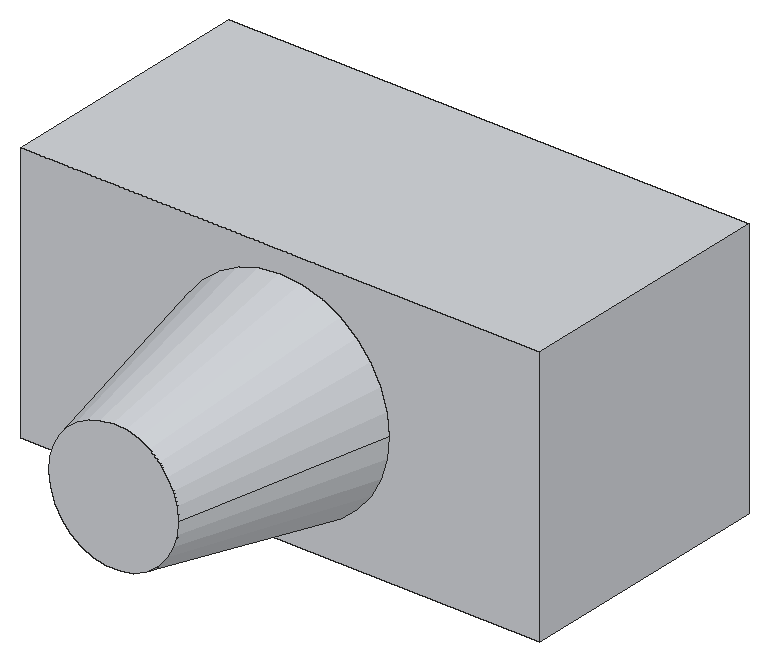
Revit family "25306989c7ed43d8b3059cc2a27adaee", category Duct Fittings, Revit 2021
Family settings
  Round Connector Dimension = Use Radius
  Part Type = Tee
  OmniClass Number = 23.75.70.14
  OmniClass Title = Air Ductwork
  Seek Item ID = Rectangular to Round Tee -  Conical Tap-0000-USA-ENU
  Work Plane-Based = No
  Always vertical = Yes
  Cut with Voids When Loaded = No
  Shared = No
Parameters (values of type "Standard")
  Duct Width [instance] = 12"
  Duct Radius 1 [instance] = 3"
  Duct Radius 2 [instance] = if(Duct Height > Duct Length 1, (Duct Length 1 - 0' 2") / 2, (Duct Height - 0' 2") / 2)  # 5"
  Duct Length 2 [instance] = Duct Width * 0.8  # 9.6"
  Duct Length 1 [instance] = Duct Width * 2  # 24"
  Duct Height [instance] = 12"
  Duct Diameter 1 [instance] = Duct Radius 1 * 2  # 6"
  Duct Diameter 2 [instance] = Duct Radius 2 * 2  # 10"
  Default Elevation = 0' - 0"
Reference planes (in)
  plane 1 "Center (Front/Back)": y = 0
  plane 2: z = 0
  plane 3 "Center (Left/Right)": x = 0
  plane 4: y = 6
  plane 5: y = -6
  plane 6: x = -12
  plane 7: x = 12
  plane 8: z = 6
  plane 9: z = -6
  plane 10: y = -15.6
  plane 11: y = 6
  plane 12: y = -6
  plane 13: z = 6
  plane 14: z = -6
  plane 15: y = 6
  plane 16: y = -6
  plane 17: z = 6
  plane 18: z = -6
Forms (in)
  Extrusion 1, solid, detail levels medium+fine
    sketch origin (0, 0, 0) x (1, 0, 0) y (0, 1, 0)
      loop
        line (-12, 6) -> (-12, -6) -> (12, -6) -> (12, 6) -> (-12, 6)
    from -6 to 6
  Blend 2, solid, detail levels medium+fine
    base sketch origin (0, 0, 0) x (1, 0, 0) y (0, 0, 1)
      loop
        circle (0, 0) r 5
    top sketch origin (0, 0, 0) x (1, 0, 0) y (0, 0, 1)
      loop
        circle (0, 0) r 3
    from 6 to 15.6
  Extrusion 3, solid, detail levels medium+fine
    sketch origin (0, 0, 0) x (1, 0, 0) y (0, 0, 1)
      loop
        circle (0, 0) r 0.5
    from 6 to 15.6
Cuts and joins
  joined: Extrusion 1, Blend 2, Extrusion 3
Lines and regions (in)
  model lines, detail levels coarse
    curve 1: line (-12, 0, 0) -> (12, 0, 0)
    curve 2: line (0, 0, 0) -> (0, -15.6, 0)
Dimensions and locks (in)
  equal spacing: plane 4, plane 1 "Center (Front/Back)", plane 5
  "Duct Width": plane 4 to plane 5
  equal spacing: plane 6, plane 3 "Center (Left/Right)", plane 7
  "Duct Length 1": plane 6 to plane 7
  equal spacing: plane 8, plane 2, plane 9
  "Duct Height": plane 8 to plane 9
  "Duct Length 2": plane 5 to plane 10
  equal spacing: plane 11, plane 1 "Center (Front/Back)", plane 12
  equal spacing: plane 13, plane 2, plane 14
  equal spacing: plane 15, plane 1 "Center (Front/Back)", plane 16
  equal spacing: plane 17, plane 2, plane 18
  "Duct Radius 2": radius of Blend 2 sketch curve
  "Duct Radius 1": radius of Blend 2 sketch curve
  radius of Extrusion 3 sketch curve = 0' - 0 1/2"
  aligned and locked: plane 6 to Extrusion 1 sketch curve
  aligned and locked: Extrusion 1 sketch curve to plane 4
  aligned and locked: plane 5 to Extrusion 1 sketch curve
  aligned and locked: Extrusion 1 sketch curve to plane 7
  aligned and locked: Extrusion 1 to plane 9
  aligned and locked: plane 8 to Extrusion 1
  aligned and locked: plane 2 to Blend 2 sketch curve  (x2)
  aligned and locked: plane 3 "Center (Left/Right)" to Blend 2 sketch curve  (x2)
  aligned and locked: plane 5 to Blend 2
  aligned and locked: Blend 2 to plane 10
  aligned and locked: plane 7 to curve 1
  aligned and locked: plane 6 to curve 1
  aligned and locked: plane 1 "Center (Front/Back)" to curve 1
  aligned and locked: plane 10 to curve 2
  aligned and locked: plane 1 "Center (Front/Back)" to curve 2
  aligned and locked: curve 2 to plane 3 "Center (Left/Right)"
  aligned and locked: plane 2 to Extrusion 3 sketch curve
  aligned and locked: plane 3 "Center (Left/Right)" to Extrusion 3 sketch curve
  aligned and locked: Extrusion 3 to plane 10
  aligned and locked: plane 5 to Extrusion 3
Connectors (in)
  hvac at (-12, 0, 0), driven by "Duct Width", driven by "Duct Height"
    settings: on cut or joined group of Extrusion 1, Blend 2, Extrusion 3, index 1, duct flow 0 CFM, flow factor 0, pres drop 0.00 in-wg, loss coef 0, conn angle 0.00°, conn width 12", conn height 12", conn diameter 24", duct sys type 28, conn prof type 1, flow config 0, flow direction 0, loss method 0, conn ref index 2, conn util no, is conn primary yes, conn desc ""
  hvac at (12, 0, 0), driven by "Duct Width", driven by "Duct Height"
    settings: on cut or joined group of Extrusion 1, Blend 2, Extrusion 3, index 2, duct flow 0 CFM, flow factor 0, pres drop 0.00 in-wg, loss coef 0, conn angle 0.00°, conn width 12", conn height 12", conn diameter 24", duct sys type 28, conn prof type 1, flow config 0, flow direction 0, loss method 0, conn ref index 1, conn util no, is conn primary no, conn desc ""
  hvac at (0, -15.6, 0), driven by "Duct Radius 1"
    settings: on Extrusion 3, index 3, duct flow 0 CFM, flow factor 0, pres drop 0.00 in-wg, loss coef 0, conn angle 0.00°, conn width 12", conn height 12", conn diameter 6", duct sys type 28, conn prof type 0, flow config 0, flow direction 0, loss method 0, conn ref index -1, conn util no, is conn primary no, conn desc ""
